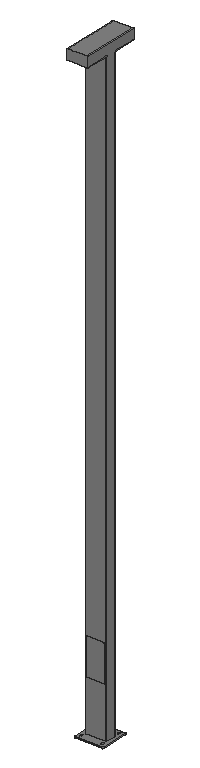
Revit family "Супремус В", category Осветительные приборы, Revit 2019 (continued)
Types (7, lengths in mm): name | Файл фотометрической сетки | built-in parameter 1150105 | Lumens | built-in parameter 1150106 | built-in parameter 1150142 | Wattage | L_общая рассеиватели | ADSK_Фактическая мощность | ADSK_Размер_Высота | ADSK_Номинальная мощность | ADSK_Наименование | ADSK_Масса_Текст | ADSK_Масса | ADSK_Артикул | 2
     359.7 359.3 358.7 358.3 357.9 357.2 355.9 354.8\r\n 353.5 351.8 350.0 348.1 346.3 344.1 341.8 339.1 336.5 333.5 329.6 325.5 320.7 317.0 312.5 307.0 301.0 294.3 287.3 279.2 270.6\r\n 262.2 253.1 243.5 234.7 226.2 218.3 210.2 202.4 193.6 184.4 175.6 167.8 160.7 154.1 147.5 141.1 134.4 128.6 123.8 119.5 115.6\r\n 112.6 109.6 106.4 103.5 100.7 97.9 95.4 93.1 90.6 87.8 85.5 83.2 81.0 78.6 76.2 73.3 70.4 67.2 64.1 60.9 57.8 55.0 52.4 50.0 47.8\r\n 45.8 44.1 42.4 40.8 39.1 37.1 35.2 33.3 31.6 29.8 28.2 26.7 25.3 23.9 22.6 21.4 20.4 19.6 18.9 18.1 17.4 16.8 16.1 15.2 13.9 12.7\r\n 12.0 11.5 11.1 10.6 10.3 9.9 9.5 9.1 8.6 8.3 7.9 7.0 6.3 5.9 5.6 5.4 5.2 5.0 4.9 4.8 4.7 4.6 4.8 4.9 4.7 4.3 4.1 3.7 3.4 3.2 3.0\r\n 2.8 2.7 2.6 2.5 2.3 2.2 2.1 2.0 1.9 1.8 1.6 1.5 1.4 1.3 0.0 0.0 0.0 0.0 0.0 0.0 0.0 0.0 0.0 0.0 0.0 0.0 0.0 0.0 0.0 0.0 0.0 0.0\r\n 0.0 0.0 0.0 0.0 0.0 0.0 0.0 0.0 0.0 0.0 0.0 0.0 0.0 0.0 0.0 0.0 0.0 0.0 0.0 0.0 0.0 0.0 0.0 0.0 0.0 0.0 0.0 0.0 0.0 0.0 0.0 0.0\r\n 0.0 0.0 0.0 0.0 0.0 0.0 0.0 0.0 0.0 0.0 0.0 0.0 0.0 0.0 0.0 0.0 0.0 0.0 0.0 0.0 0.0 0.0 0.0 0.0 0.0 0.0 0.0 0.0 0.0 0.0 0.0 0.0\r\n 0.0 0.0 0.0 0.0 0.0 0.0 0.0 0.0 0.0 0.0 0.0 0.0 0.0 0.0 0.0 0.0 0.0 0.0 0.0 0.0 0.0 0.0 0.0 0.0 0.0 0.0 0.0 0.0 0.0 0.0 0.0 0.0\r\n 0.0 0.0 0.0 0.0 0.0 0.0 0.0 0.0 0.0 0.0 0.0 0.0 0.0 0.0 0.0 0.0 0.0 0.0 0.0 0.0 0.0 0.0 0.0 0.0 0.0 0.0 0.0 0.0 0.0 0.0 0.0 0.0\r\n 0.0 0.0 0.0 0.0 0.0 0.0 0.0 0.0 0.0 0.0 0.0 0.0 0.0 0.0\r\n275.6 278.1 280.8 283.4 286.3 289.3 292.6 296.0 299.5 302.9 305.9 308.9 311.5 314.2 316.6 318.8 321.2 323.4 326.0 328.6 331.0\r\n 333.2 335.2 337.0 338.7 340.4 342.0 343.5 344.8 346.3 347.8 349.1 350.6 352.1 353.3 355.0 356.3 357.8 359.3 360.4 361.4 362.2\r\n 362.8 363.1 363.9 364.3 364.7 364.7 364.5 364.1 363.1 362.5 361.7 361.0 360.6 360.3 359.9 359.5 359.0 358.3 357.3 356.1 354.9\r\n 353.5 351.8 350.0 348.2 346.3 343.7 340.9 337.9 334.7 331.3 327.4 322.9 317.8 313.9 308.9 302.9 296.0 288.4 280.8 272.3 263.8\r\n 254.5 244.2 234.3 225.1 216.9 208.9 200.5 192.3 182.9 173.7 165.6 158.5 151.8 145.5 139.6 133.6 128.2 122.9 117.7 114.3 111.1\r\n 108.2 105.4 102.5 99.5 96.7 94.1 91.6 89.0 86.3 83.8 81.9 80.2 78.2 75.7 73.2 70.3 67.2 64.1 60.7 57.3 54.3 51.7 49.1 46.8 45.0\r\n 43.4 41.9 40.4 38.9 37.0 35.0 33.1 31.4 29.6 28.1 26.7 25.3 23.9 22.7 21.7 20.8 20.0 19.3 18.7 18.0 17.4 16.9 16.2 15.4 14.1 12.7\r\n 11.7 11.2 10.8 10.4 10.1 9.7 9.3 9.0 8.6 8.2 7.8 6.9 6.2 5.8 5.6 5.3 5.1 5.0 4.9 4.8 4.7 4.7 4.9 4.9 4.6 4.3 4.1 3.8 3.4 3.2 3.0\r\n 2.8 2.7 2.6 2.5 2.4 2.4 2.2 2.1 2.0 1.8 1.7 1.5 1.4 1.3 0.0 0.0 0.0 0.0 0.0 0.0 0.0 0.0 0.0 0.0 0.0 0.0 0.0 0.0 0.0 0.0 0.0 0.0\r\n 0.0 0.0 0.0 0.0 0.0 0.0 0.0 0.0 0.0 0.0 0.0 0.0 0.0 0.0 0.0 0.0 0.0 0.0 0.0 0.0 0.0 0.0 0.0 0.0 0.0 0.0 0.0 0.0 0.0 0.0 0.0 0.0\r\n 0.0 0.0 0.0 0.0 0.0 0.0 0.0 0.0 0.0 0.0 0.0 0.0 0.0 0.0 0.0 0.0 0.0 0.0 0.0 0.0 0.0 0.0 0.0 0.0 0.0 0.0 0.0 0.0 0.0 0.0 0.0 0.0\r\n 0.0 0.0 0.0 0.0 0.0 0.0 0.0 0.0 0.0 0.0 0.0 0.0 0.0 0.0 0.0 0.0 0.0 0.0 0.0 0.0 0.0 0.0 0.0 0.0 0.0 0.0 0.0 0.0 0.0 0.0 0.0 0.0\r\n 0.0 0.0 0.0 0.0 0.0 0.0 0.0 0.0 0.0 0.0 0.0 0.0 0.0 0.0 0.0 0.0 0.0 0.0 0.0 0.0 0.0 0.0 0.0 0.0 0.0 0.0 0.0 0.0 0.0 0.0 0.0 0.0\r\n 0.0 0.0 0.0 0.0 0.0 0.0 0.0 0.0 0.0 0.0 0.0 0.0 0.0 0.0\r\n275.6 278.0 280.5 283.4 286.2 289.3 292.9 296.2 299.5 302.8 305.9 308.8 311.4 314.0 316.5 318.8 321.1 323.4 326.0 328.6 330.9\r\n 333.1 335.1 336.6 338.4 340.3 341.8 343.0 344.6 346.0 347.4 349.0 350.4 351.8 353.1 354.7 356.3 357.6 359.0 360.3 361.1 361.9\r\n 362.4 363.0 363.3 363.7 364.3 364.3 363.7 363.0 362.2 361.5 360.6 360.0 359.6 359.3 359.0 358.7 358.1 357.3 356.1 355.1 353.9\r\n 352.4 350.4 348.6 347.1 345.2 342.6 339.9 336.4 333.2 330.0 326.0 320.9 316.0 311.5 306.2 299.9 292.8 284.9 276.9 268.1 259.4\r\n 249.1 238.2 228.2 219.7 211.9 203.4 194.8 185.9 176.5 167.9 160.0 153.1 146.7 140.6 135.0 129.3 123.8 118.8 114.9 111.7 108.7\r\n 106.0 103.1 100.1 96.8 94.1 91.5 88.9 86.0 83.2 81.1 79.6 78.0 75.8 73.4 70.7 67.7 64.7 61.7 58.3 55.1 52.1 49.5 47.1 45.1 43.5\r\n 42.2 40.9 39.5 37.8 36.0 34.0 32.1 30.2 28.7 27.3 25.9 24.5 23.3 22.2 21.2 20.4 19.6 19.0 18.3 17.7 17.0 16.4 15.8 15.0 13.6 12.3\r\n 11.4 10.9 10.5 10.1 9.7 9.3 9.0 8.6 8.3 8.1 7.6 6.7 6.1 5.8 5.5 5.3 5.1 4.9 4.9 4.8 4.6 4.8 4.9 4.9 4.7 4.3 4.1 3.7 3.4 3.2 3.0\r\n 2.8 2.7 2.6 2.5 2.5 2.5 2.4 2.2 2.0 1.9 1.7 1.6 1.5 1.3 0.0 0.0 0.0 0.0 0.0 0.0 0.0 0.0 0.0 0.0 0.0 0.0 0.0 0.0 0.0 0.0 0.0 0.0\r\n 0.0 0.0 0.0 0.0 0.0 0.0 0.0 0.0 0.0 0.0 0.0 0.0 0.0 0.0 0.0 0.0 0.0 0.0 0.0 0.0 0.0 0.0 0.0 0.0 0.0 0.0 0.0 0.0 0.0 0.0 0.0 0.0\r\n 0.0 0.0 0.0 0.0 0.0 0.0 0.0 0.0 0.0 0.0 0.0 0.0 0.0 0.0 0.0 0.0 0.0 0.0 0.0 0.0 0.0 0.0 0.0 0.0 0.0 0.0 0.0 0.0 0.0 0.0 0.0 0.0\r\n 0.0 0.0 0.0 0.0 0.0 0.0 0.0 0.0 0.0 0.0 0.0 0.0 0.0 0.0 0.0 0.0 0.0 0.0 0.0 0.0 0.0 0.0 0.0 0.0 0.0 0.0 0.0 0.0 0.0 0.0 0.0 0.0\r\n 0.0 0.0 0.0 0.0 0.0 0.0 0.0 0.0 0.0 0.0 0.0 0.0 0.0 0.0 0.0 0.0 0.0 0.0 0.0 0.0 0.0 0.0 0.0 0.0 0.0 0.0 0.0 0.0 0.0 0.0 0.0 0.0\r\n 0.0 0.0 0.0 0.0 0.0 0.0 0.0 0.0 0.0 0.0 0.0 0.0 0.0 0.0\r\n275.6 278.0 280.5 283.3 286.2 289.2 292.8 296.0 299.3 302.6 305.8 308.6 311.2 313.8 316.2 318.7 321.0 323.2 325.6 328.1 330.6\r\n 332.8 334.9 336.5 338.1 339.8 341.5 342.8 344.4 345.7 346.9 348.6 350.0 351.2 352.7 354.1 355.8 357.3 358.7 360.0 360.8 361.5\r\n 362.3 362.7 363.1 363.5 364.1 364.2 363.7 363.1 362.3 361.5 360.7 360.1 359.7 359.4 359.0 359.0 358.4 357.6 356.8 355.4 354.5\r\n 353.0 351.2 349.4 347.7 345.9 343.4 340.9 338.1 335.1 331.8 327.9 323.0 318.0 312.8 307.7 301.8 295.0 287.7 279.8 271.2 262.6\r\n 253.0 242.1 232.5 223.9 216.0 207.7 198.8 190.1 180.3 171.0 162.7 155.4 148.8 142.4 136.8 131.5 126.3 120.9 115.7 112.3 109.3\r\n 106.4 103.5 100.5 97.3 94.3 91.5 88.8 85.9 83.1 80.8 79.1 77.6 75.7 73.5 70.9 68.1 65.5 62.7 59.4 56.1 53.2 50.6 48.1 45.9 44.0\r\n 42.5 41.1 39.7 38.1 36.4 34.5 32.7 30.8 29.0 27.6 26.3 24.8 23.5 22.4 21.4 20.6 19.9 19.1 18.5 17.7 17.1 16.4 15.8 15.0 13.8 12.5\r\n 11.5 11.0 10.6 10.2 9.8 9.4 9.1 8.7 8.4 8.1 7.7 6.8 6.0 5.7 5.4 5.2 5.1 4.9 4.8 4.7 4.5 4.6 4.8 4.7 4.8 4.4 4.1 3.8 3.4 3.2 3.0\r\n 2.8 2.6 2.5 2.5 2.4 2.4 2.2 2.1 1.9 1.8 1.7 1.5 1.4 1.3 0.0 0.0 0.0 0.0 0.0 0.0 0.0 0.0 0.0 0.0 0.0 0.0 0.0 0.0 0.0 0.0 0.0 0.0\r\n 0.0 0.0 0.0 0.0 0.0 0.0 0.0 0.0 0.0 0.0 0.0 0.0 0.0 0.0 0.0 0.0 0.0 0.0 0.0 0.0 0.0 0.0 0.0 0.0 0.0 0.0 0.0 0.0 0.0 0.0 0.0 0.0\r\n 0.0 0.0 0.0 0.0 0.0 0.0 0.0 0.0 0.0 0.0 0.0 0.0 0.0 0.0 0.0 0.0 0.0 0.0 0.0 0.0 0.0 0.0 0.0 0.0 0.0 0.0 0.0 0.0 0.0 0.0 0.0 0.0\r\n 0.0 0.0 0.0 0.0 0.0 0.0 0.0 0.0 0.0 0.0 0.0 0.0 0.0 0.0 0.0 0.0 0.0 0.0 0.0 0.0 0.0 0.0 0.0 0.0 0.0 0.0 0.0 0.0 0.0 0.0 0.0 0.0\r\n 0.0 0.0 0.0 0.0 0.0 0.0 0.0 0.0 0.0 0.0 0.0 0.0 0.0 0.0 0.0 0.0 0.0 0.0 0.0 0.0 0.0 0.0 0.0 0.0 0.0 0.0 0.0 0.0 0.0 0.0 0.0 0.0\r\n 0.0 0.0 0.0 0.0 0.0 0.0 0.0 0.0 0.0 0.0 0.0 0.0 0.0 0.0\r\n275.6 278.0 280.6 283.2 286.0 289.1 292.4 296.0 299.3 302.3 305.4 308.2 310.8 313.4 315.7 318.1 320.2 322.5 325.0 327.5 329.8\r\n 331.8 333.8 335.4 337.0 338.7 340.3 341.6 343.0 344.4 345.6 347.1 348.4 349.7 351.1 352.7 354.1 355.6 357.1 358.3 359.4 360.1\r\n 360.6 361.0 361.5 362.1 362.6 362.7 362.6 361.9 361.2 360.6 359.9 359.0 358.7 358.3 358.0 357.7 357.4 356.6 355.8 354.9 353.7\r\n 352.4 350.7 349.0 347.3 345.7 343.6 341.5 339.0 336.6 333.5 329.8 325.1 320.0 314.9 310.0 304.4 298.0 291.5 284.4 276.1 267.8\r\n 258.7 248.6 239.1 230.3 222.3 213.7 205.0 196.4 187.1 177.4 168.7 161.2 154.1 147.2 140.5 134.4 128.4 122.9 118.4 114.7 111.3\r\n 108.3 105.2 102.2 99.1 96.1 93.2 90.4 87.7 85.0 82.3 80.3 78.7 76.8 74.6 72.3 69.6 66.9 64.2 61.5 58.3 55.4 52.8 50.1 47.7 45.6\r\n 43.8 42.2 40.7 39.1 37.5 35.8 34.0 32.2 30.2 28.3 26.8 25.3 23.9 22.5 21.4 20.4 19.5 18.8 18.1 17.4 16.8 16.2 15.5 14.7 13.5 12.4\r\n 11.8 11.3 10.9 10.4 10.1 9.7 9.3 8.9 8.5 8.2 7.8 6.9 6.2 5.8 5.6 5.3 5.1 4.9 4.8 4.8 4.7 4.8 4.9 4.6 4.7 4.5 4.1 3.9 3.5 3.2 3.0\r\n 2.8 2.7 2.5 2.4 2.3 2.2 2.0 1.9 1.8 1.7 1.6 1.5 1.4 1.3 0.0 0.0 0.0 0.0 0.0 0.0 0.0 0.0 0.0 0.0 0.0 0.0 0.0 0.0 0.0 0.0 0.0 0.0\r\n 0.0 0.0 0.0 0.0 0.0 0.0 0.0 0.0 0.0 0.0 0.0 0.0 0.0 0.0 0.0 0.0 0.0 0.0 0.0 0.0 0.0 0.0 0.0 0.0 0.0 0.0 0.0 0.0 0.0 0.0 0.0 0.0\r\n 0.0 0.0 0.0 0.0 0.0 0.0 0.0 0.0 0.0 0.0 0.0 0.0 0.0 0.0 0.0 0.0 0.0 0.0 0.0 0.0 0.0 0.0 0.0 0.0 0.0 0.0 0.0 0.0 0.0 0.0 0.0 0.0\r\n 0.0 0.0 0.0 0.0 0.0 0.0 0.0 0.0 0.0 0.0 0.0 0.0 0.0 0.0 0.0 0.0 0.0 0.0 0.0 0.0 0.0 0.0 0.0 0.0 0.0 0.0 0.0 0.0 0.0 0.0 0.0 0.0\r\n 0.0 0.0 0.0 0.0 0.0 0.0 0.0 0.0 0.0 0.0 0.0 0.0 0.0 0.0 0.0 0.0 0.0 0.0 0.0 0.0 0.0 0.0 0.0 0.0 0.0 0.0 0.0 0.0 0.0 0.0 0.0 0.0\r\n 0.0 0.0 0.0 0.0 0.0 0.0 0.0 0.0 0.0 0.0 0.0 0.0 0.0 0.0\r\n275.6 277.9 280.5 283.0 285.7 288.8 291.9 295.1 298.6 301.8 304.7 307.5 310.0 312.7 314.9 317.1 319.3 321.3 323.8 326.2 328.6\r\n 330.6 332.5 334.2 335.8 337.2 338.8 340.3 341.5 342.8 344.1 345.3 346.5 347.8 348.9 350.4 351.8 353.1 354.7 355.9 357.0 357.9\r\n 358.6 359.0 359.7 360.0 360.6 360.9 361.2 361.1 360.5 359.9 359.4 358.7 358.1 357.7 357.4 357.0 356.8 356.2 355.6 354.8 353.6\r\n 352.7 351.5 350.1 348.5 346.9 345.3 343.9 342.3 340.2 337.9 334.7 330.4 325.3 320.9 316.7 311.2 304.9 298.8 292.8 285.3 277.7\r\n 269.5 260.7 251.8 242.7 234.2 225.7 216.9 208.2 199.5 191.0 182.8 174.6 166.8 159.5 152.7 145.6 139.0 132.8 127.8 122.8 117.9\r\n 114.3 111.0 107.9 104.7 101.5 98.3 95.4 92.7 90.1 87.5 85.0 82.7 80.7 78.6 76.4 73.8 71.0 68.2 65.6 62.8 59.5 56.5 53.7 51.1 48.5\r\n 46.4 44.4 42.7 41.2 39.7 38.3 36.7 34.9 33.1 31.3 29.5 27.5 25.8 24.4 22.9 21.5 20.3 19.4 18.5 17.7 17.0 16.2 15.5 14.6 13.5 12.7\r\n 12.2 11.9 11.4 11.0 10.6 10.3 9.9 9.5 9.0 8.6 8.3 7.7 6.9 6.3 6.0 5.7 5.5 5.3 5.2 5.0 4.8 4.6 4.7 4.7 4.6 4.5 4.2 3.9 3.6 3.3 3.1\r\n 2.9 2.7 2.5 2.3 2.2 2.1 1.9 1.9 1.8 1.7 1.6 1.5 1.4 1.3 0.0 0.0 0.0 0.0 0.0 0.0 0.0 0.0 0.0 0.0 0.0 0.0 0.0 0.0 0.0 0.0 0.0 0.0\r\n 0.0 0.0 0.0 0.0 0.0 0.0 0.0 0.0 0.0 0.0 0.0 0.0 0.0 0.0 0.0 0.0 0.0 0.0 0.0 0.0 0.0 0.0 0.0 0.0 0.0 0.0 0.0 0.0 0.0 0.0 0.0 0.0\r\n 0.0 0.0 0.0 0.0 0.0 0.0 0.0 0.0 0.0 0.0 0.0 0.0 0.0 0.0 0.0 0.0 0.0 0.0 0.0 0.0 0.0 0.0 0.0 0.0 0.0 0.0 0.0 0.0 0.0 0.0 0.0 0.0\r\n 0.0 0.0 0.0 0.0 0.0 0.0 0.0 0.0 0.0 0.0 0.0 0.0 0.0 0.0 0.0 0.0 0.0 0.0 0.0 0.0 0.0 0.0 0.0 0.0 0.0 0.0 0.0 0.0 0.0 0.0 0.0 0.0\r\n 0.0 0.0 0.0 0.0 0.0 0.0 0.0 0.0 0.0 0.0 0.0 0.0 0.0 0.0 0.0 0.0 0.0 0.0 0.0 0.0 0.0 0.0 0.0 0.0 0.0 0.0 0.0 0.0 0.0 0.0 0.0 0.0\r\n 0.0 0.0 0.0 0.0 0.0 0.0 0.0 0.0 0.0 0.0 0.0 0.0 0.0 0.0\r\n275.6 277.9 280.2 282.8 285.5 288.3 291.4 294.6 297.9 300.9 303.8 306.5 308.9 311.5 313.7 315.9 318.0 319.9 322.1 324.4 326.7\r\n 328.7 330.6 332.3 333.7 335.0 336.3 337.6 339.0 340.3 341.4 342.6 343.8 344.9 345.9 347.2 348.3 349.8 351.0 352.3 353.5 354.7\r\n 355.4 356.0 356.6 357.1 357.5 358.0 358.6 358.8 358.7 358.4 357.9 357.6 357.2 356.6 356.3 356.2 355.9 355.5 355.2 354.7 353.9\r\n 353.1 352.1 351.0 349.9 348.4 346.9 346.0 345.2 343.6 342.2 339.6 335.8 330.6 326.0 322.7 318.0 311.6 305.1 299.7 293.4 286.7\r\n 279.6 271.7 264.0 256.0 248.5 241.1 233.2 225.1 216.8 208.7 200.6 193.0 185.6 178.3 171.0 163.4 156.1 149.0 142.5 136.7 131.3\r\n 126.5 122.2 118.3 114.7 111.0 107.6 104.2 100.7 97.7 94.8 92.1 89.3 87.0 84.7 82.7 80.5 78.0 75.2 72.1 69.2 66.4 63.5 60.7 57.6\r\n 54.4 51.5 48.9 46.6 44.6 42.9 41.3 39.8 38.3 36.8 35.2 33.4 31.7 30.0 28.1 26.3 24.6 23.1 21.8 20.6 19.5 18.6 17.9 17.1 16.4 15.6\r\n 14.8 14.0 13.5 13.0 12.6 12.1 11.7 11.2 10.8 10.3 9.8 9.4 8.9 8.2 7.7 7.3 7.1 6.8 6.5 6.3 6.1 5.8 5.5 5.3 5.3 5.2 4.9 4.6 4.2 3.9\r\n 3.6 3.3 3.0 2.8 2.6 2.4 2.2 2.0 1.9 1.8 1.7 1.6 1.5 1.4 1.3 1.2 0.0 0.0 0.0 0.0 0.0 0.0 0.0 0.0 0.0 0.0 0.0 0.0 0.0 0.0 0.0 0.0\r\n 0.0 0.0 0.0 0.0 0.0 0.0 0.0 0.0 0.0 0.0 0.0 0.0 0.0 0.0 0.0 0.0 0.0 0.0 0.0 0.0 0.0 0.0 0.0 0.0 0.0 0.0 0.0 0.0 0.0 0.0 0.0 0.0\r\n 0.0 0.0 0.0 0.0 0.0 0.0 0.0 0.0 0.0 0.0 0.0 0.0 0.0 0.0 0.0 0.0 0.0 0.0 0.0 0.0 0.0 0.0 0.0 0.0 0.0 0.0 0.0 0.0 0.0 0.0 0.0 0.0\r\n 0.0 0.0 0.0 0.0 0.0 0.0 0.0 0.0 0.0 0.0 0.0 0.0 0.0 0.0 0.0 0.0 0.0 0.0 0.0 0.0 0.0 0.0 0.0 0.0 0.0 0.0 0.0 0.0 0.0 0.0 0.0 0.0\r\n 0.0 0.0 0.0 0.0 0.0 0.0 0.0 0.0 0.0 0.0 0.0 0.0 0.0 0.0 0.0 0.0 0.0 0.0 0.0 0.0 0.0 0.0 0.0 0.0 0.0 0.0 0.0 0.0 0.0 0.0 0.0 0.0\r\n 0.0 0.0 0.0 0.0 0.0 0.0 0.0 0.0 0.0 0.0 0.0 0.0 0.0 0.0 0.0 0.0\r\n275.6 277.9 280.1 282.6 285.0 287.7 290.6 293.5 296.7 299.7 302.5 305.4 307.9 310.2 312.5 314.4 316.5 318.4 320.2 322.4 324.4\r\n 326.4 328.4 330.1 331.4 332.9 334.0 335.5 336.7 338.0 339.4 340.3 341.3 342.2 343.1 344.1 345.0 346.1 347.4 348.5 349.8 351.0\r\n 352.2 353.1 353.7 354.3 355.0 355.2 356.0 356.6 357.1 357.4 357.5 357.2 357.1 357.0 356.8 356.5 356.5 356.5 356.3 355.8 355.5\r\n 355.1 354.5 353.7 352.9 352.0 350.7 349.7 349.3 348.7 347.8 346.5 344.1 340.5 336.0 332.7 329.1 324.0 318.2 312.9 307.9 302.1\r\n 296.1 290.1 283.9 277.7 271.3 264.8 258.5 251.4 244.4 237.5 230.5 223.4 216.1 208.7 201.5 194.2 187.2 180.1 173.2 166.4 159.7\r\n 153.5 147.5 141.9 137.0 132.4 127.7 123.1 118.4 114.1 109.7 105.7 102.1 98.4 94.7 91.3 88.5 86.1 83.9 81.4 78.7 75.6 72.3 69.1\r\n 66.1 63.0 59.8 56.4 53.0 49.9 47.1 44.7 42.7 40.9 39.3 37.8 36.5 35.1 33.8 32.4 30.9 29.3 27.8 26.3 24.7 23.3 22.3 21.5 20.8 20.0\r\n 19.2 18.5 17.9 17.4 16.7 16.1 15.4 14.9 14.4 13.9 13.3 12.7 12.1 11.7 11.1 10.4 9.9 9.5 9.1 8.8 8.4 8.1 7.7 7.2 6.8 6.6 6.4 6.1\r\n 5.6 5.1 4.6 4.1 3.7 3.4 3.1 2.8 2.6 2.4 2.2 2.0 1.9 1.7 1.7 1.5 1.4 1.3 1.1 0.0 0.0 0.0 0.0 0.0 0.0 0.0 0.0 0.0 0.0 0.0 0.0 0.0\r\n 0.0 0.0 0.0 0.0 0.0 0.0 0.0 0.0 0.0 0.0 0.0 0.0 0.0 0.0 0.0 0.0 0.0 0.0 0.0 0.0 0.0 0.0 0.0 0.0 0.0 0.0 0.0 0.0 0.0 0.0 0.0 0.0\r\n 0.0 0.0 0.0 0.0 0.0 0.0 0.0 0.0 0.0 0.0 0.0 0.0 0.0 0.0 0.0 0.0 0.0 0.0 0.0 0.0 0.0 0.0 0.0 0.0 0.0 0.0 0.0 0.0 0.0 0.0 0.0 0.0\r\n 0.0 0.0 0.0 0.0 0.0 0.0 0.0 0.0 0.0 0.0 0.0 0.0 0.0 0.0 0.0 0.0 0.0 0.0 0.0 0.0 0.0 0.0 0.0 0.0 0.0 0.0 0.0 0.0 0.0 0.0 0.0 0.0\r\n 0.0 0.0 0.0 0.0 0.0 0.0 0.0 0.0 0.0 0.0 0.0 0.0 0.0 0.0 0.0 0.0 0.0 0.0 0.0 0.0 0.0 0.0 0.0 0.0 0.0 0.0 0.0 0.0 0.0 0.0 0.0 0.0\r\n 0.0 0.0 0.0 0.0 0.0 0.0 0.0 0.0 0.0 0.0 0.0 0.0 0.0 0.0 0.0 0.0 0.0 0.0 0.0\r\n275.6 277.7 280.0 282.2 284.4 286.9 289.7 292.4 295.3 298.3 301.0 303.6 306.0 308.2 310.4 312.2 314.1 316.0 317.8 319.2 321.5\r\n 323.3 325.2 326.8 328.3 329.6 331.0 332.3 333.4 334.7 335.9 336.9 337.7 338.6 339.5 340.2 340.9 341.8 342.9 343.9 345.0 346.1\r\n 347.3 348.2 349.4 350.2 351.0 351.5 352.3 352.9 353.5 354.3 354.9 355.5 355.8 356.1 356.2 356.2 356.5 356.6 356.6 356.8 356.6\r\n 356.5 356.2 356.1 355.9 355.7 355.0 354.1 353.8 353.5 353.3 353.1 352.0 349.7 346.8 344.5 342.0 338.2 333.6 329.4 325.5 321.5\r\n 316.6 311.5 306.5 301.3 296.1 290.7 285.5 280.2 274.8 269.2 263.2 257.5 251.5 245.7 239.7 233.4 226.6 219.1 211.5 204.1 197.0\r\n 190.4 183.8 176.9 170.1 163.8 157.8 152.2 146.8 141.3 135.8 130.7 125.8 121.1 116.6 112.3 107.9 103.3 99.3 95.9 93.1 90.6 87.8\r\n 84.7 81.3 77.6 74.0 70.7 67.5 64.1 60.7 57.4 54.2 51.0 48.0 45.7 43.7 41.9 40.3 38.9 37.5 36.3 35.0 33.8 32.5 31.3 30.1 29.0 27.7\r\n 26.5 25.5 24.5 23.7 22.9 22.0 21.1 20.2 19.4 18.6 17.8 17.1 16.4 15.7 15.0 14.2 13.2 12.3 11.5 10.9 10.2 9.6 9.0 8.3 7.6 7.1 6.6\r\n 6.2 5.9 5.4 5.0 4.4 4.0 3.6 3.3 3.0 2.8 2.5 2.3 2.1 2.0 1.9 1.8 1.6 1.5 1.3 1.2 1.0 0.0 0.0 0.0 0.0 0.0 0.0 0.0 0.0 0.0 0.0 0.0\r\n 0.0 0.0 0.0 0.0 0.0 0.0 0.0 0.0 0.0 0.0 0.0 0.0 0.0 0.0 0.0 0.0 0.0 0.0 0.0 0.0 0.0 0.0 0.0 0.0 0.0 0.0 0.0 0.0 0.0 0.0 0.0 0.0\r\n 0.0 0.0 0.0 0.0 0.0 0.0 0.0 0.0 0.0 0.0 0.0 0.0 0.0 0.0 0.0 0.0 0.0 0.0 0.0 0.0 0.0 0.0 0.0 0.0 0.0 0.0 0.0 0.0 0.0 0.0 0.0 0.0\r\n 0.0 0.0 0.0 0.0 0.0 0.0 0.0 0.0 0.0 0.0 0.0 0.0 0.0 0.0 0.0 0.0 0.0 0.0 0.0 0.0 0.0 0.0 0.0 0.0 0.0 0.0 0.0 0.0 0.0 0.0 0.0 0.0\r\n 0.0 0.0 0.0 0.0 0.0 0.0 0.0 0.0 0.0 0.0 0.0 0.0 0.0 0.0 0.0 0.0 0.0 0.0 0.0 0.0 0.0 0.0 0.0 0.0 0.0 0.0 0.0 0.0 0.0 0.0 0.0 0.0\r\n 0.0 0.0 0.0 0.0 0.0 0.0 0.0 0.0 0.0 0.0 0.0 0.0 0.0 0.0 0.0 0.0 0.0 0.0 0.0 0.0 0.0\r\n275.6 277.6 279.6 281.8 283.9 286.2 288.6 291.3 293.7 296.5 299.1 301.6 303.9 306.0 308.0 310.0 311.6 313.5 315.1 316.6 318.2\r\n 319.9 321.6 323.3 324.9 326.2 327.7 328.9 330.2 331.3 332.1 333.1 334.2 335.4 336.0 336.9 337.5 338.3 339.0 339.8 340.5 341.4\r\n 342.2 343.2 344.3 345.2 346.3 347.5 348.6 349.6 350.4 351.2 352.2 353.0 353.9 354.8 355.5 356.3 356.9 357.5 358.0 358.5 359.0\r\n 359.7 360.0 360.4 360.8 361.1 361.4 361.4 361.4 361.5 361.8 362.2 362.7 361.8 360.2 358.7 357.5 355.2 352.1 348.8 345.8 343.1\r\n 340.3 337.2 333.8 330.8 327.4 324.2 320.5 316.9 312.9 308.8 304.4 299.8 295.3 291.1 286.9 282.7 278.4 27
